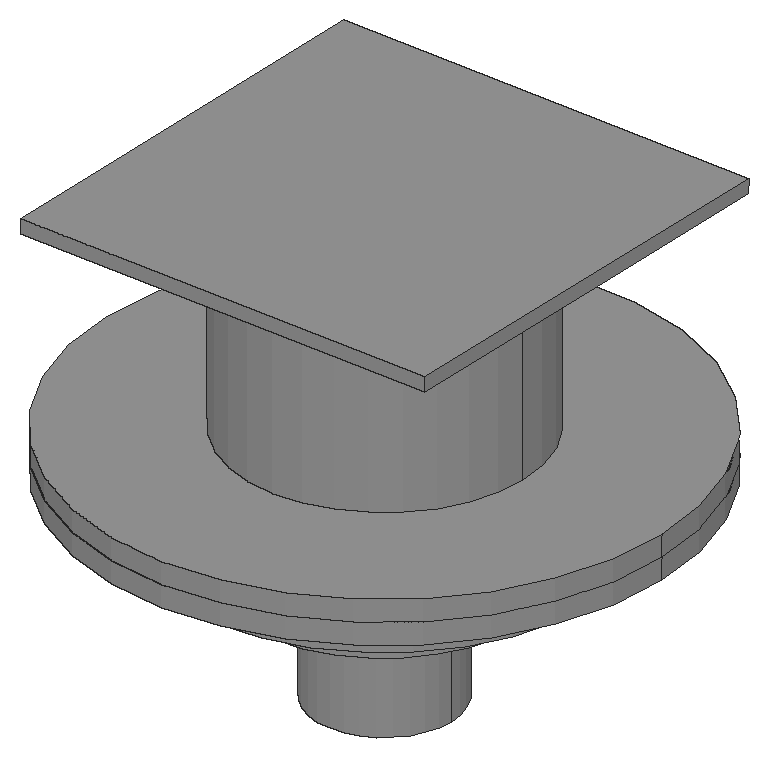
Revit family "PLM-DRN-AEC-Floor", category Plumbing Fixtures, host Face, Revit 2016
Family settings
  Host = Face
  Part Type = Normal
  Round Connector Dimension = Use Diameter
  OmniClass Number = 23.45.55.21
  OmniClass Title = Drains (Wastes)
  Cut with Voids When Loaded = No
  Shared = No
  Room Calculation Point = No
Parameters (values of type "150 mmx150 mm Strainer - 50 mm Drain")
  WFU = 2
  Symbol <Detail Items> = DTL-GNL-AEC-FD-Box : Standard
  Strainer Length = 2 * Strainer Half Length  # 150 mm
  Strainer Height = 83 mm
  Strainer Half Length = 75 mm
  Radius 3 = 0.5 * Body Radius  # 51.5 mm
  Radius 2 = (Body Radius - Nominal Radius) / 3 * 2 + Nominal Radius  # 77 mm
  Radius 1 = (Body Radius - Nominal Radius) / 3 + Nominal Radius  # 51 mm
  Nominal Radius = 25 mm
  Nominal Diameter = 2 * Nominal Radius  # 50 mm
  Material = Steel AISI 1118
  Height 2 = 0.2 * Body Height  # 16.4 mm
  Height 1 = 0.5 * Body Height  # 41 mm
  HWFU = 0
  Default Elevation = 0 mm
  CWFU = 0
  Body Radius = 103 mm
  Body Height = 82 mm
  Body Diameter = 2 * Body Radius  # 206 mm
Types (9, lengths in mm): name | WFU | Strainer Length | Strainer Height | Strainer Half Length | Radius 2 | Radius 1 | Nominal Radius | Nominal Diameter | Material | Height 2 | Height 1 | Body Height
  125 mmx125 mm Strainer - 50 mm Drain | 2 | 125 | 83 | 62.5 | 77 | 51 | 25 | 50 | none | 18.4 | 46 | 92
  125 mmx125 mm Strainer - 80 mm Drain | 3 | 125 | 83 | 62.5 | 82 | 61 | 40 | 80 | none | 18.4 | 46 | 92
  125 mmx125 mm Strainer - 100 mm Drain | 4 | 125 | 83 | 62.5 | 85.333 | 67.667 | 50 | 100 | none | 18.4 | 46 | 92
  150 mmx150 mm Strainer - 50 mm Drain | 2 | 150 | 83 | 75 | 77 | 51 | 25 | 50 | Steel AISI 1118 | 16.4 | 41 | 82
  200 mmx200 mm Strainer - 50 mm Drain | 2 | 200 | 92 | 100 | 77 | 51 | 25 | 50 | none | 18.4 | 46 | 92
  150 mmx150 mm Strainer - 80 mm Drain | 3 | 150 | 83 | 75 | 82 | 61 | 40 | 80 | none | 18.4 | 46 | 92
  200 mmx200 mm Strainer - 80 mm Drain | 3 | 200 | 83 | 100 | 82 | 61 | 40 | 80 | none | 18.4 | 46 | 92
  150 mmx150 mm Strainer - 100 mm Drain | 4 | 120 | 83 | 60 | 85.333 | 67.667 | 50 | 100 | none | 18.4 | 46 | 92
  200 mmx200 mm Strainer - 100 mm Drain | 4 | 200 | 92 | 100 | 85.333 | 67.667 | 50 | 100 | none | 18.4 | 46 | 92
Reference planes
  plane 1 "Center (Front/Back)": y = 0
  plane 2: z = 0
  plane 3 "Center (Left/Right)": x = 0
  plane 4: z = -124
  plane 5: z = -107.6
  plane 6: z = -90.62
  plane 7: z = -165
  plane 8: z = -75.38
  plane 9: z = -15.24
  plane 10: z = -5.08
  plane 11 "Strainer Top": z = 0
  plane 12: x = -75
  plane 13: x = 75
  plane 14: y = 75
  plane 15: y = -75
  plane 16: z = -83
  plane 17: x = -51.5
Forms (mm)
  Extrusion 1, solid, material "Steel AISI 1118" <- "Material"
    sketch origin (0, 0, 0) x (-1, 0, 0) y (0, -1, 0)
      loop
        circle (0, 0) r 25
    from -165 to -124
  Extrusion 2, solid, material "Steel AISI 1118" <- "Material"
    sketch origin (0, 0, 0) x (-1, 0, 0) y (0, -1, 0)
      loop
        circle (0, 0) r 51
    from -124 to -107.6
  Extrusion 3, solid, material "Steel AISI 1118" <- "Material"
    sketch origin (0, 0, 0) x (-1, 0, 0) y (0, -1, 0)
      loop
        circle (0, 0) r 77
    from -107.6 to -90.62
  Extrusion 4, solid, material "Steel AISI 1118" <- "Material"
    sketch origin (0, 0, 0) x (-1, 0, 0) y (0, -1, 0)
      loop
        circle (0, 0) r 103
    from -90.62 to -83
  Extrusion 5, solid, material "Steel AISI 1118" <- "Material"
    sketch origin (0, 0, 0) x (-1, 0, 0) y (0, -1, 0)
      loop
        circle (0, 0) r 103
    from -83 to -75.38
  Extrusion 6, solid, material "Steel AISI 1118" <- "Material"
    sketch origin (0, 0, 0) x (-1, 0, 0) y (0, -1, 0)
      loop
        circle (0, 0) r 51.5
    from -75.38 to -15.24
  Revolve 7, solid, material "Steel AISI 1118" <- "Material"
    sketch origin (0, 0, 0) x (1, 0, 0) y (0, 0, 1)
      loop
        line (-75, -5.08) -> (-51.5, -15.24) -> (0, -15.24) -> (0, -5.08) -> (-75, -5.08)
      axis (0, -5.08) -> (0, -15.24)
    angle from 0 to 360
  Extrusion 8, solid, material "Steel AISI 1118" <- "Material"
    sketch origin (0, 0, 0) x (-1, 0, 0) y (0, -1, 0)
      loop
        line (75, -75) -> (75, 75) -> (-75, 75) -> (-75, -75) -> (75, -75)
    from -5.08 to 0
Cuts and joins
  joined: Extrusion 1, Extrusion 2, Extrusion 3, Extrusion 4
  joined: Extrusion 5, Extrusion 6, Revolve 7, Extrusion 8
Lines and regions (mm)
  model lines
    curve 1: line (-75, 0, 0) -> (75, 0, 0)
    curve 2: line (0, 75, 0) -> (0, -75, 0)
    curve 3: line (-60, 60, 0) -> (60, 60, 0)
    curve 4: line (-60, -60, 0) -> (-60, 60, 0)
    curve 5: line (60, -60, 0) -> (-60, -60, 0)
    curve 6: line (60, 60, 0) -> (60, -60, 0)
    curve 7: line (-45, 45, 0) -> (45, 45, 0)
    curve 8: line (-45, -45, 0) -> (-45, 45, 0)
    curve 9: line (45, -45, 0) -> (-45, -45, 0)
    curve 10: line (45, 45, 0) -> (45, -45, 0)
    curve 11: line (-30, 30, 0) -> (30, 30, 0)
    curve 12: line (-30, -30, 0) -> (-30, 30, 0)
    curve 13: line (30, -30, 0) -> (-30, -30, 0)
    curve 14: line (30, 30, 0) -> (30, -30, 0)
    curve 15: line (-15, 15, 0) -> (15, 15, 0)
    curve 16: line (-15, -15, 0) -> (-15, 15, 0)
    curve 17: line (15, -15, 0) -> (-15, -15, 0)
    curve 18: line (15, 15, 0) -> (15, -15, 0)
Dimensions and locks
  "Height 2": plane 5 to plane 4
  "Height 1": plane 4 to plane 7
  locked: plane 11 "Strainer Top" to plane 10 at 5.08
  plane 11 "Strainer Top" to plane 2 = 0 mm
  locked: plane 10 to plane 9 at 10.16
  equal spacing: plane 14, plane 1 "Center (Front/Back)", plane 15
  "Strainer Half Length": plane 14 to plane 1 "Center (Front/Back)"
  equal spacing: plane 12, plane 3 "Center (Left/Right)", plane 13
  "Strainer Half Length": plane 3 "Center (Left/Right)" to plane 13
  equal spacing: plane 14, curve 3, curve 7, curve 11, curve 15, plane 1 "Center (Front/Back)"
  equal spacing: plane 12, curve 4, curve 8, curve 12, curve 16, plane 3 "Center (Left/Right)"
  equal spacing: plane 1 "Center (Front/Back)", curve 17, curve 13, curve 9, curve 5, plane 15
  equal spacing: plane 3 "Center (Left/Right)", curve 18, curve 14, curve 10, curve 6, plane 13
  "Strainer Height": plane 11 "Strainer Top" to plane 16
  locked: plane 8 to plane 16 at 7.62
  locked: plane 16 to plane 6 at 7.62
  "Body Height": plane 16 to plane 7
  "Radius 3": plane 17 to plane 3 "Center (Left/Right)"
  "Nominal Radius": radius of Extrusion 1 sketch curve
  "Radius 1": radius of Extrusion 2 sketch curve
  "Radius 2": radius of Extrusion 3 sketch curve
  "Body Radius": radius of Extrusion 4 sketch curve
  "Body Radius": radius of Extrusion 5 sketch curve
  "Radius 3": radius of Extrusion 6 sketch curve
  aligned and locked: plane 2 to host face
  aligned and locked: level to host face
  aligned and locked: plane 1 "Center (Front/Back)" to curve 1
  aligned and locked: curve 2 to plane 3 "Center (Left/Right)"
  aligned and locked: plane 12 to curve 1
  aligned and locked: plane 15 to curve 2
  aligned and locked: plane 1 "Center (Front/Back)" to Extrusion 1 sketch curve
  aligned and locked: plane 3 "Center (Left/Right)" to Extrusion 1 sketch curve
  aligned and locked: Extrusion 1 to plane 7
  aligned and locked: plane 4 to Extrusion 1
  aligned and locked: plane 1 "Center (Front/Back)" to Extrusion 2 sketch curve
  aligned and locked: plane 3 "Center (Left/Right)" to Extrusion 2 sketch curve
  aligned and locked: Extrusion 2 to plane 4
  aligned and locked: plane 5 to Extrusion 2
  aligned and locked: plane 1 "Center (Front/Back)" to Extrusion 3 sketch curve
  aligned and locked: plane 3 "Center (Left/Right)" to Extrusion 3 sketch curve
  aligned and locked: Extrusion 3 to plane 5
  aligned and locked: plane 6 to Extrusion 3
  aligned and locked: plane 1 "Center (Front/Back)" to Extrusion 4 sketch curve
  aligned and locked: plane 3 "Center (Left/Right)" to Extrusion 4 sketch curve
  aligned and locked: Extrusion 4 to plane 6
  aligned and locked: plane 16 to Extrusion 4
  aligned and locked: plane 1 "Center (Front/Back)" to Extrusion 5 sketch curve
  aligned and locked: plane 3 "Center (Left/Right)" to Extrusion 5 sketch curve
  aligned and locked: Extrusion 5 to plane 16
  aligned and locked: plane 8 to Extrusion 5
  aligned and locked: plane 1 "Center (Front/Back)" to Extrusion 6 sketch curve
  aligned and locked: plane 3 "Center (Left/Right)" to Extrusion 6 sketch curve
  aligned and locked: Extrusion 6 to plane 8
  aligned and locked: plane 9 to Extrusion 6
  aligned and locked: plane 3 "Center (Left/Right)" to Revolve 7 sketch curve  (x2)
  aligned and locked: plane 17 to Revolve 7 sketch curve
  aligned and locked: plane 9 to Revolve 7 sketch curve  (x2)
  aligned and locked: plane 10 to Revolve 7 sketch curve  (x2)
  aligned and locked: plane 12 to Revolve 7 sketch curve
  aligned and locked: Revolve 7 sketch curve to plane 3 "Center (Left/Right)"
  aligned and locked: plane 12 to Extrusion 8 sketch curve  (x2)
  aligned and locked: Extrusion 8 sketch curve to plane 14
  aligned and locked: plane 13 to Extrusion 8 sketch curve
  aligned and locked: plane 15 to Extrusion 8 sketch curve
  aligned and locked: plane 14 to Extrusion 8 sketch curve
  aligned and locked: Extrusion 8 sketch curve to plane 13
  aligned and locked: Extrusion 8 to plane 10
  aligned and locked: plane 11 "Strainer Top" to Extrusion 8
  aligned and locked: plane 3 "Center (Left/Right)" to nested 1
  aligned and locked: nested 1 to plane 1 "Center (Front/Back)"
Automatic sketch dimensions
  host sketch curve to host sketch curve = 406.432 mm
  host sketch curve to host sketch curve = 397.952 mm
  curve 1 to plane 13 = 0 mm
  curve 2 to plane 14 = 0 mm
  Revolve 7 sketch curve to plane 9 = 0 mm
  Revolve 7 sketch curve to plane 10 = 0 mm
Nested families
  nested 1: "DTL-GNL-AEC-FD-Box" at (0, -150, 0), type <- "Symbol <Detail Items>", type "Standard"
Connectors
  piping at (0, 0, -165), diameter 50, driven by "WFU", driven by "Nominal Diameter"
    settings: on cut or joined group of Extrusion 1, Extrusion 2, Extrusion 3, Extrusion 4, index 1, connector inside diameter 50.8 mm, connector length 0 mm, flow factor 0, pipe flow 0.0 L/s, pressure drop 0.0 Pa, fitting loss kfactor 0, connector angle 0.00°, fixture units 2, engagement length 0 mm, angle of deflection 0.00°, flow configuration 3, flow direction 2, fitting loss method 0, system type 16, joint type 0, gender type 0, connector reference index -1, connector utility 0, adjustable connector no, is connector primary yes, connector description "Out"
Definition of nested family "DTL-GNL-AEC-FD-Box"
  Reference planes
    plane 1 "Center (Front/Back)": y = 0
    plane 2: z = 0
    plane 3 "Center (Left/Right)": x = 0
    plane 4: y = 150
  Lines and regions (mm)
    Filled region 1, type "Solid Fill - Black", in view "Ref. Level"
      outline origin (-48.453, -7.317, 0) x (1, 0, 0) y (0, 1, 0)
        loop
          line (-36.368, 77.113) -> (-36.368, 144.104) -> (31.311, 144.104) -> (31.311, 161.948) -> (-36.368, 161.948) -> (-36.368, 207.068) -> (43.894, 207.068) -> (43.894, 224.52) -> (-56.106, 224.52) -> (-56.106, 77.113) -> (-36.368, 77.113)
        loop
          line (98.632, 207.068) -> (98.632, 92.068) -> (143.632, 92.068)
          arc (143.632, 92.068) -> (175.77, 149.568) -> (143.632, 207.068) r 67.508
          line (143.632, 207.068) -> (98.632, 207.068)
        loop
          line (78.894, 77.113) -> (143.894, 77.113)
          arc (143.894, 77.113) -> (191.775, 150.817) -> (143.894, 224.52) r 80.667
          line (143.894, 224.52) -> (78.894, 224.52) -> (78.894, 77.113)
    detail lines, in view "Ref. Level"
      curve 1: line (-150, 0, 0) -> (150, 0, 0)
      curve 2: line (-150, 300, 0) -> (-150, 0, 0)
      curve 3: line (150, 300, 0) -> (-150, 300, 0)
      curve 4: line (150, 0, 0) -> (150, 300, 0)
  Dimensions and locks
    equal spacing: plane 1 "Center (Front/Back)", plane 4, curve 3
